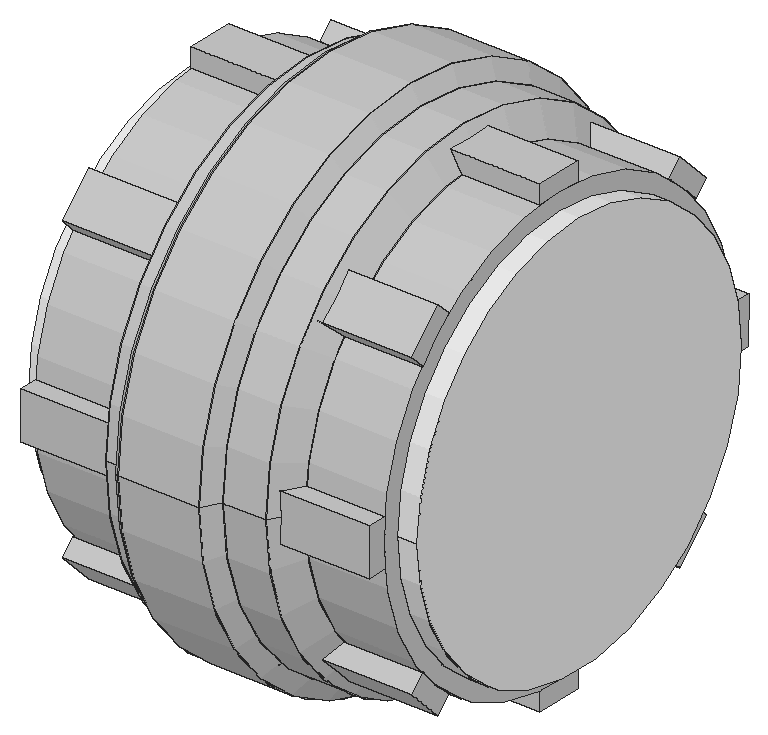
Revit family "PF_Соединение [фитинг полипропиленовый - муфта разъемная VTp.763.0]1 - VALTEC", category Соединительные детали трубопроводов, Revit 2019
Family settings
  Размер круглого соединителя = Использовать диаметр
  Тип детали = Соединение
  На основе рабочей плоскости = Нет
  Всегда вертикально = Да
  При загрузке вырезать с полостями = Нет
  Общий = Нет
Parameters (values of type "VTp.763.0")
  Таблица = "PF_Соединение [фитинг полипропиленовый - муфта разъемная VTp.763.0] - VALTEC"  # constant formula
  built-in parameter 1114238 [instance] = (empty or 0)
  Отразить [instance] = no
  Материал доп.1 = Сталь, нержавеющая - VALTEC
  Manufacturer = ""
  n [instance] = if(Отразить, 1 mm, 0 mm)  # 0 mm
  l9 [instance] = size_lookup(Таблица, "l9", 0 mm, n, d)  # 17.2 mm
  l8 [instance] = size_lookup(Таблица, "l8", 0 mm, n, d)  # 0.8 mm
  l6 [instance] = size_lookup(Таблица, "l6", 0 mm, n, d)  # 22 mm
  l4 [instance] = size_lookup(Таблица, "l4", 0 mm, n, d)  # 3.9 mm
  l3 [instance] = size_lookup(Таблица, "l3", 0 mm, n, d)  # 25.5 mm
  l2 [instance] = size_lookup(Таблица, "l2", 0 mm, n, d)  # 25.5 mm
  l15 [instance] = size_lookup(Таблица, "l15", 0 mm, n, d)  # 4 mm
  l14 [instance] = size_lookup(Таблица, "l14", 0 mm, n, d)  # 31.5 mm
  l13 [instance] = size_lookup(Таблица, "l13", 0 mm, n, d)  # 31.5 mm
  l12 [instance] = size_lookup(Таблица, "l12", 0 mm, n, d)  # 3.5 mm
  l11 [instance] = size_lookup(Таблица, "l11", 0 mm, n, d)  # 28.5 mm
  l10 [instance] = size_lookup(Таблица, "l10", 0 mm, n, d)  # 2.1 mm
  l1 [instance] = size_lookup(Таблица, "l1", 0 mm, n, d)  # 4 mm
  dn9 [instance] = size_lookup(Таблица, "dn9", 0 mm, n, d)  # 101.1 mm
  dn8 [instance] = size_lookup(Таблица, "dn8", 0 mm, n, d)  # 101.1 mm
  dn7 [instance] = size_lookup(Таблица, "dn7", 0 mm, n, d)  # 93.1 mm
  dn6 [instance] = size_lookup(Таблица, "dn6", 0 mm, n, d)  # 105.1 mm
  dn5 [instance] = size_lookup(Таблица, "dn5", 0 mm, n, d)  # 105.1 mm
  dn4 [instance] = size_lookup(Таблица, "dn4", 0 mm, n, d)  # 111.5 mm
  dn3 [instance] = size_lookup(Таблица, "dn3", 0 mm, n, d)  # 107 mm
  dn2 [instance] = size_lookup(Таблица, "dn2", 0 mm, n, d)  # 93.1 mm
  b [instance] = size_lookup(Таблица, "b", 0 mm, n, d)  # 10 mm
  dn1 [instance] = size_lookup(Таблица, "dn1", 0 mm, n, d)  # 86 mm
  d [instance] = 63 mm
  URL = "https://valtec.ru/"
  B [instance] = size_lookup(Таблица, "B", 0 mm, n, d)  # 112.5 mm
  ADSK_Примечание [instance] = ""
  ADSK_Позиция [instance] = ""
  ADSK_Обозначение [instance] = "VTp.763.0"  # constant formula
  ADSK_Наименование [instance] = size_lookup(Таблица, "", "Данный типоразмер отсутствует", n, d)  # "Фитинг полипропиленовый - муфта разъемная,  63 мм"
  ADSK_Материал = Полипропилен - RGB 255 255 255
  ADSK_Масса [instance] = size_lookup(Таблица, "Масса", 0, n, d)  # 0.65
  ADSK_Марка [instance] = size_lookup(Таблица, "Маркировка", "Данный типоразмер отсутствует", n, d)  # "63"
  ADSK_Код изделия [instance] = size_lookup(Таблица, "Код продукта", "Данный типоразмер отсутствует", n, d)  # "VTp.763.0.063"
  ADSK_Завод-изготовитель [instance] = "VALTEC"  # constant formula
  ADSK_Единица измерения [instance] = "шт."  # constant formula
  ADSK_URL страницы изделия = "https://valtec.ru/catalog/sistemy_polipropilenovyh_truboprovodov/polipropilenovye_fitingi/fiting_polipropilenovyj_mufta_razemnaya_vtp7630.html"
  ADSK_URL документации изделия = "https://valtec.ru/document/technical/VTp.700-fitingi-0419.pdf"
  A [instance] = size_lookup(Таблица, "A", 0 mm, n, d)  # 82.5 mm
Reference planes
  plane 1 "По центру (Вперед/Назад)": y = 0
  plane 2: z = 0
  plane 3 "По центру (Влево/Вправо)": x = 0
  plane 4: x = -41.25
  plane 5: x = 41.25
  plane 6: x = -37.25
  plane 7: x = -20.45
  plane 8: x = -16.55
  plane 9: x = 5.45
  plane 10: x = -11.75
  plane 11: x = -12.55
  plane 12: x = 7.55
  plane 13: x = 16.75
  plane 14: x = 20.25
  plane 15: x = 36.95
Forms (mm)
  Extrusion 1, solid, material "Полипропилен - RGB 255 255 255" <- "ADSK_Материал", detail levels medium+fine
    sketch origin (0, 0, 0) x (0, 1, 0) y (0, 0, 1)
      loop
        circle (0, 0) r 43
    from -41.25 to 41.25
  Extrusion 2, solid, material "Сталь, нержавеющая - VALTEC" <- "Материал доп.1", detail levels medium+fine
    sketch origin (0, 0, 0) x (0, 1, 0) y (0, 0, 1)
      loop
        circle (0, 0) r 46.55
    from -37.25 to -20.45
  Blend 3, solid, material "Сталь, нержавеющая - VALTEC" <- "Материал доп.1", detail levels medium+fine
    base sketch origin (0, 0, 0) x (0, 1, 0) y (0, 0, 1)
      loop
        circle (0, 0) r 46.55
    top sketch origin (0, 0, 0) x (0, 1, 0) y (0, 0, 1)
      loop
        circle (0, 0) r 53.5
    from -20.45 to -16.55
  Blend 4, solid, material "Сталь, нержавеющая - VALTEC" <- "Материал доп.1", detail levels medium+fine
    base sketch origin (0, 0, 0) x (0, 1, 0) y (0, 0, 1)
      loop
        circle (0, 0) r 56.25
    top sketch origin (0, 0, 0) x (0, 1, 0) y (0, 0, 1)
      loop
        circle (0, 0) r 55.75
    from -11.75 to -12.55
  Extrusion 5, solid, material "Сталь, нержавеющая - VALTEC" <- "Материал доп.1", detail levels medium+fine
    sketch origin (0, 0, 0) x (0, 1, 0) y (0, 0, 1)
      loop
        circle (0, 0) r 53.5
    from -16.55 to 5.45
  Blend 6, solid, material "Сталь, нержавеющая - VALTEC" <- "Материал доп.1", detail levels medium+fine
    base sketch origin (0, 0, 0) x (0, 1, 0) y (0, 0, 1)
      loop
        circle (0, 0) r 46.55
    top sketch origin (0, 0, 0) x (0, 1, 0) y (0, 0, 1)
      loop
        circle (0, 0) r 52.55
    from 20.25 to 16.75
  Extrusion 7, solid, material "Сталь, нержавеющая - VALTEC" <- "Материал доп.1", detail levels medium+fine
    sketch origin (0, 0, 0) x (0, 1, 0) y (0, 0, 1)
      loop
        circle (0, 0) r 56.25
    from -11.75 to 5.45
  Blend 8, solid, material "Сталь, нержавеющая - VALTEC" <- "Материал доп.1", detail levels medium+fine
    base sketch origin (0, 0, 0) x (0, 1, 0) y (0, 0, 1)
      loop
        circle (0, 0) r 56.25
    top sketch origin (0, 0, 0) x (0, 1, 0) y (0, 0, 1)
      loop
        circle (0, 0) r 52.55
    from 5.45 to 7.55
  Extrusion 9, solid, material "Сталь, нержавеющая - VALTEC" <- "Материал доп.1", detail levels medium+fine
    sketch origin (0, 0, 0) x (0, 1, 0) y (0, 0, 1)
      loop
        circle (0, 0) r 52.55
    from -11.75 to 16.75
  Extrusion 10, solid, material "Сталь, нержавеющая - VALTEC" <- "Материал доп.1", detail levels medium+fine
    sketch origin (0, 0, 0) x (0, 1, 0) y (0, 0, 1)
      loop
        circle (0, 0) r 46.55
    from 20.25 to 36.95
Cuts and joins
  joined: Extrusion 5, Extrusion 7, Extrusion 9
Lines and regions (mm)
  model lines, detail levels coarse
    curve 1: line (-41.25, 0, 0) -> (41.25, 0, 0)
    curve 2: line (0, 56.25, 0) -> (0, -56.25, 0)
  reference lines
    curve 3: line (-41.25, 0, 0) -> (41.25, 0, 0)
Dimensions and locks
  equal spacing: plane 4, plane 3 "По центру (Влево/Вправо)", plane 5
  "A": plane 4 to plane 5
  "l1": plane 4 to plane 6
  "l2": plane 6 to plane 10
  "l9": plane 10 to plane 9
  "l8": plane 11 to plane 10
  "l6": plane 8 to plane 9
  "l4": plane 7 to plane 8
  "l10": plane 9 to plane 12
  "l12": plane 13 to plane 14
  "l14": plane 9 to plane 15
  equal spacing: curve 2, plane 1 "По центру (Вперед/Назад)", curve 2
  "B": curve 2 to curve 2
  "l11": plane 10 to plane 13
  "dn1": diameter of Extrusion 1 sketch curve
  "dn2": diameter of Extrusion 2 sketch curve
  "dn2": diameter of Blend 3 sketch curve
  "dn3": diameter of Blend 3 sketch curve
  "B": diameter of Blend 4 sketch curve
  "dn4": diameter of Blend 4 sketch curve
  "dn3": diameter of Extrusion 5 sketch curve
  "dn7": diameter of Blend 6 sketch curve
  "dn6": diameter of Blend 6 sketch curve
  "B": diameter of Extrusion 7 sketch curve
  "B": diameter of Blend 8 sketch curve
  "dn5": diameter of Blend 8 sketch curve
  "dn6": diameter of Extrusion 9 sketch curve
  "dn7": diameter of Extrusion 10 sketch curve
  aligned and locked: level to plane 2
  aligned and locked: plane 1 "По центру (Вперед/Назад)" to Extrusion 1 sketch curve
  aligned and locked: plane 2 to Extrusion 1 sketch curve
  aligned and locked: Extrusion 1 to plane 4
  aligned and locked: Extrusion 1 to plane 5
  aligned and locked: plane 1 "По центру (Вперед/Назад)" to Extrusion 2 sketch curve
  aligned and locked: plane 2 to Extrusion 2 sketch curve
  aligned and locked: Extrusion 2 to plane 6
  aligned and locked: plane 7 to Extrusion 2
  aligned and locked: plane 1 "По центру (Вперед/Назад)" to Blend 3 sketch curve  (x2)
  aligned and locked: plane 2 to Blend 3 sketch curve
  aligned and locked: level to Blend 3 sketch curve
  aligned and locked: Blend 3 to plane 7
  aligned and locked: plane 8 to Blend 3
  aligned and locked: plane 1 "По центру (Вперед/Назад)" to Extrusion 5 sketch curve
  aligned and locked: plane 2 to Extrusion 5 sketch curve
  aligned and locked: Extrusion 5 to plane 8
  aligned and locked: plane 2 to Blend 4 sketch curve  (x2)
  aligned and locked: plane 1 "По центру (Вперед/Назад)" to Blend 4 sketch curve  (x2)
  aligned and locked: plane 1 "По центру (Вперед/Назад)" to Extrusion 7 sketch curve
  aligned and locked: plane 2 to Extrusion 7 sketch curve
  aligned and locked: Extrusion 7 to plane 10
  aligned and locked: plane 9 to Extrusion 7
  aligned and locked: Blend 4 to plane 11
  aligned and locked: plane 10 to Blend 4
  aligned and locked: plane 2 to Blend 8 sketch curve  (x2)
  aligned and locked: plane 1 "По центру (Вперед/Назад)" to Blend 8 sketch curve  (x2)
  aligned and locked: plane 12 to Blend 8
  aligned and locked: plane 2 to Extrusion 9 sketch curve
  aligned and locked: plane 1 "По центру (Вперед/Назад)" to Extrusion 9 sketch curve
  aligned and locked: plane 13 to Extrusion 9
  aligned and locked: plane 2 to Blend 6 sketch curve  (x2)
  aligned and locked: plane 1 "По центру (Вперед/Назад)" to Blend 6 sketch curve  (x2)
  aligned and locked: Blend 6 to plane 13
  aligned and locked: plane 14 to Blend 6
  aligned and locked: Blend 8 to plane 9
  aligned and locked: plane 1 "По центру (Вперед/Назад)" to Extrusion 10 sketch curve
  aligned and locked: plane 2 to Extrusion 10 sketch curve
  aligned and locked: Extrusion 10 to plane 14
  aligned and locked: plane 15 to Extrusion 10
  aligned and locked: plane 5 to curve 1
  aligned and locked: plane 4 to curve 1
  aligned and locked: plane 1 "По центру (Вперед/Назад)" to curve 1
  aligned and locked: curve 2 to plane 3 "По центру (Влево/Вправо)"
  aligned and locked: plane 4 to curve 3
  aligned and locked: plane 5 to curve 3
  aligned and locked: plane 1 "По центру (Вперед/Назад)" to curve 3
  aligned and locked: plane 9 to Extrusion 5
  aligned and locked: Extrusion 9 to plane 10
  aligned and locked: nested 1 to plane 10
  aligned and locked: plane 9 to nested 2
Nested families
  nested 1: "VTp.763.0" at (-11.75, 0, 0), ADSK_Материал <- "Материал доп.1", l <- "l3", b <- "b", dn1 <- "dn8", dn2 <- "dn2", type "VTp.763.0", detail levels medium+fine
    with l 25.5 mm, dn2 93.1 mm, dn1 101.1 mm, b 10 mm, ADSK_Материал Сталь, нержавеющая - VALTEC
  nested 2: "VTp.763.0" at (5.45, 0, 0) x (-1, 0, 0) z (0, 0, 1), ADSK_Материал <- "Материал доп.1", l <- "l13", b <- "b", dn1 <- "dn9", dn2 <- "dn7", type "VTp.763.0", detail levels medium+fine
    with l 31.5 mm, dn2 93.1 mm, dn1 101.1 mm, b 10 mm, ADSK_Материал Сталь, нержавеющая - VALTEC
Connectors
  piping at (-41.25, 0, 0), diameter 63, driven by "d"
    settings: on curve 3, index 1, connector inside diameter 609.6 mm, connector length 0 mm, flow factor 0, pipe flow 0.0 L/s, pressure drop 0.0 Pa, fitting loss kfactor 0, connector angle 0.00°, fixture units 0, engagement length 0 mm, angle of deflection 0.00°, flow configuration 0, flow direction 0, fitting loss method 0, system type 28, joint type 0, gender type 0, connector reference index 2, connector utility 0, adjustable connector no, is connector primary yes, connector description ""
  piping at (41.25, 0, 0), diameter 63, driven by "d"
    settings: on curve 3, index 2, connector inside diameter 609.6 mm, connector length 0 mm, flow factor 0, pipe flow 0.0 L/s, pressure drop 0.0 Pa, fitting loss kfactor 0, connector angle 0.00°, fixture units 0, engagement length 0 mm, angle of deflection 0.00°, flow configuration 0, flow direction 0, fitting loss method 0, system type 28, joint type 0, gender type 0, connector reference index 1, connector utility 0, adjustable connector no, is connector primary no, connector description ""
Definition of nested family "VTp.763.0"
  Parameters (values of type "Семейство1")
    l [instance] = 900 mm
    dn2 [instance] = 93.1 mm
    dn1 [instance] = 107 mm
    b [instance] = 10 mm
    ADSK_Материал [instance] = none
  Reference planes
    plane 1 "По центру (Вперед/Назад)": y = 0
    plane 2: z = 0
    plane 3 "По центру (Влево/Вправо)": x = 0
    plane 4: x = -900
    plane 5: through (0, -1938.515, 1938.515) normal (0, -0.7071, -0.7071)
    plane 6: through (0, 1938.515, 1938.515) normal (0, -0.7071, 0.7071)
  Forms (mm)
    Extrusion 1, solid, material <- "ADSK_Материал"
      sketch origin (0, 0, 0) x (0, 1, 0) y (0, 0, 1)
        loop
          arc (5, 53.266) -> (0, 53.5) -> (-5, 53.266) r 53.5
          line (-5, 53.266) -> (-5, 46.281)
          arc (-5, 46.281) -> (0, 46.55) -> (5, 46.281) r 46.55
          line (5, 46.281) -> (5, 53.266)
        loop
          line (5, -53.266) -> (5, -46.281)
          arc (5, -46.281) -> (0, -46.55) -> (-5, -46.281) r 46.55
          line (-5, -46.281) -> (-5, -53.266)
          arc (-5, -53.266) -> (0, -53.5) -> (5, -53.266) r 53.5
      from -900 to 0
    Extrusion 2, solid, material <- "ADSK_Материал"
      sketch origin (0, 0, 0) x (0, 0, 1) y (0, -1, 0)
        loop
          arc (5, 53.266) -> (0, 53.5) -> (-5, 53.266) r 53.5
          line (-5, 53.266) -> (-5, 46.281)
          arc (-5, 46.281) -> (0, 46.55) -> (5, 46.281) r 46.55
          line (5, 46.281) -> (5, 53.266)
        loop
          line (5, -53.266) -> (5, -46.281)
          arc (5, -46.281) -> (0, -46.55) -> (-5, -46.281) r 46.55
          line (-5, -46.281) -> (-5, -53.266)
          arc (-5, -53.266) -> (0, -53.5) -> (5, -53.266) r 53.5
      from -900 to 0
    Extrusion 3, solid, material <- "ADSK_Материал"
      sketch origin (0, 0, 0) x (0, -0.707107, 0.707107) y (0, -0.707107, -0.707107)
        loop
          arc (5, 53.266) -> (0, 53.5) -> (-5, 53.266) r 53.5
          line (-5, 53.266) -> (-5, 46.281)
          arc (-5, 46.281) -> (0, 46.55) -> (5, 46.281) r 46.55
          line (5, 46.281) -> (5, 53.266)
        loop
          line (5, -53.266) -> (5, -46.281)
          arc (5, -46.281) -> (0, -46.55) -> (-5, -46.281) r 46.55
          line (-5, -46.281) -> (-5, -53.266)
          arc (-5, -53.266) -> (0, -53.5) -> (5, -53.266) r 53.5
      from -900 to 0
    Extrusion 4, solid, material <- "ADSK_Материал"
      sketch origin (0, 0, 0) x (0, 0.707107, 0.707107) y (0, -0.707107, 0.707107)
        loop
          arc (5, 53.266) -> (0, 53.5) -> (-5, 53.266) r 53.5
          line (-5, 53.266) -> (-5, 46.281)
          arc (-5, 46.281) -> (0, 46.55) -> (5, 46.281) r 46.55
          line (5, 46.281) -> (5, 53.266)
        loop
          line (5, -53.266) -> (5, -46.281)
          arc (5, -46.281) -> (0, -46.55) -> (-5, -46.281) r 46.55
          line (-5, -46.281) -> (-5, -53.266)
          arc (-5, -53.266) -> (0, -53.5) -> (5, -53.266) r 53.5
      from -900 to 0
  Lines and regions (mm)
    reference lines
      curve 1: line (0, 500, 0) -> (0, -500, 0)
      curve 2: line (-900, 0, 0) -> (0, 0, 0)
  Dimensions and locks
    "l": plane 4 to plane 3 "По центру (Влево/Вправо)"
    equal spacing: Extrusion 1 sketch curve, plane 1 "По центру (Вперед/Назад)", Extrusion 1 sketch curve  (x2)
    "b": Extrusion 1 sketch curve to Extrusion 1 sketch curve  (x2)
    "b": Extrusion 2 sketch curve to Extrusion 2 sketch curve  (x2)
    "b": Extrusion 3 sketch curve to Extrusion 3 sketch curve  (x2)
    "b": Extrusion 4 sketch curve to Extrusion 4 sketch curve  (x2)
    equal spacing: Extrusion 4 sketch curve, plane 5, Extrusion 4 sketch curve  (x2)
    equal spacing: Extrusion 3 sketch curve, plane 6, Extrusion 3 sketch curve  (x2)
    equal spacing: Extrusion 2 sketch curve, level, Extrusion 2 sketch curve  (x2)
    "dn2": diameter of Extrusion 1 sketch curve  (x2)
    "dn1": diameter of Extrusion 1 sketch curve  (x2)
    "dn2": diameter of Extrusion 2 sketch curve  (x2)
    "dn1": diameter of Extrusion 2 sketch curve  (x2)
    "dn2": diameter of Extrusion 3 sketch curve  (x2)
    "dn1": diameter of Extrusion 3 sketch curve  (x2)
    "dn2": diameter of Extrusion 4 sketch curve  (x2)
    "dn1": diameter of Extrusion 4 sketch curve  (x2)
    aligned and locked: level to plane 2
    aligned and locked: plane 3 "По центру (Влево/Вправо)" to Extrusion 1
    aligned and locked: Extrusion 1 to plane 4
    aligned and locked: plane 4 to curve 2
    aligned and locked: plane 3 "По центру (Влево/Вправо)" to curve 2
    aligned and locked: plane 1 "По центру (Вперед/Назад)" to curve 2
    aligned and locked: plane 1 "По центру (Вперед/Назад)" to Extrusion 1 sketch curve  (x4)
    aligned and locked: level to Extrusion 1 sketch curve  (x4)
    aligned and locked: plane 1 "По центру (Вперед/Назад)" to Extrusion 2 sketch curve  (x4)
    aligned and locked: level to Extrusion 2 sketch curve  (x4)
    aligned and locked: plane 5 to Extrusion 3 sketch curve  (x4)
    aligned and locked: plane 1 "По центру (Вперед/Назад)" to Extrusion 3 sketch curve  (x4)
    aligned and locked: level to Extrusion 4 sketch curve  (x4)
    aligned and locked: plane 1 "По центру (Вперед/Назад)" to Extrusion 4 sketch curve  (x4)
    aligned and locked: Extrusion 4 to plane 4
    aligned and locked: Extrusion 3 to plane 4
    aligned and locked: Extrusion 2 to plane 4
  Automatic sketch dimensions
    curve 1 to curve 2 = 500 mm
    curve 1 to plane 1 "По центру (Вперед/Назад)" = 500 mm
